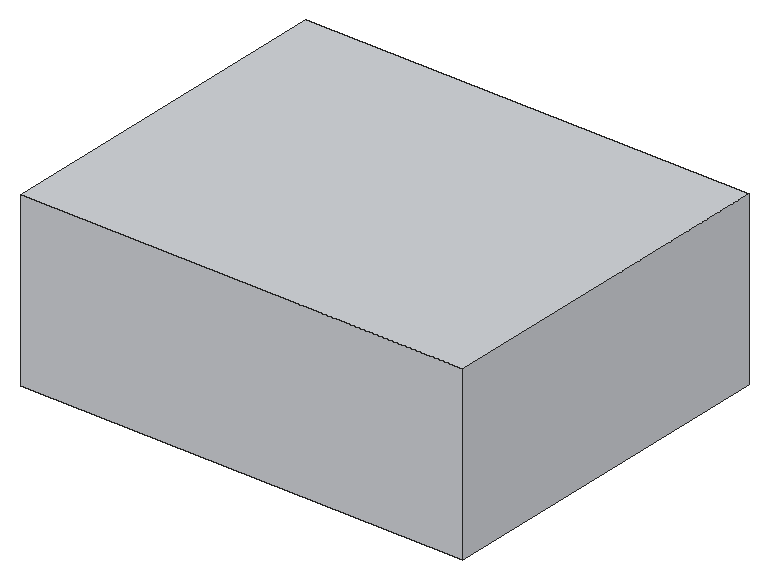
Revit family "Family1", category Generic Models, Revit 2022
Family settings
  Can host rebar = No
  Round Connector Dimension = Use Diameter
  Part Type = Normal
  Work Plane-Based = No
  Always vertical = Yes
  Cut with Voids When Loaded = No
  Maintain Annotation Orientation = No
  Shared = No
  Room Calculation Point = No
Parameters (values of type "Type 1")
  NIH REQUESTED CAPACITY MET [instance] = 0.00 lbm
  NIH REQUESTED CAPACITY [instance] = 0.00 lbm
  NIH RECEIVER NET CAPACITY MET [instance] = 0.00 CF
  NIH RECEIVER NET CAPACITY [instance] = 0.00 CF
  NIH PUMP FLOW MET [instance] = 0 GPM
  NIH PUMP FLOW [instance] = 0 GPM
  NIH PRESSURE 3 MET [instance] = 0.00 in-wg
  NIH PRESSURE 3 [instance] = 0.00 in-wg
  NIH PRESSURE 2 MET [instance] = 0.00 in-wg
  NIH PRESSURE 2 [instance] = 0.00 in-wg
  NIH PRESSURE 1 MET [instance] = 0.00 in-wg
  NIH PRESSURE 1 [instance] = 0.00 in-wg
  Default Elevation = 0' - 0"
Reference planes (in)
  plane 1 "Center (Front/Back)": y = 0
  plane 2: z = 0
  plane 3 "Center (Left/Right)": x = 0
Forms (in)
  Extrusion 1, solid
    sketch origin (0, 0, 0) x (1, 0, 0) y (0, 1, 0)
      loop
        line (0, 0) -> (31, 0) -> (31, 25) -> (0, 25) -> (0, 0)
    from 0 to 12
Dimensions and locks (in)
  aligned and locked: plane 2 to level
